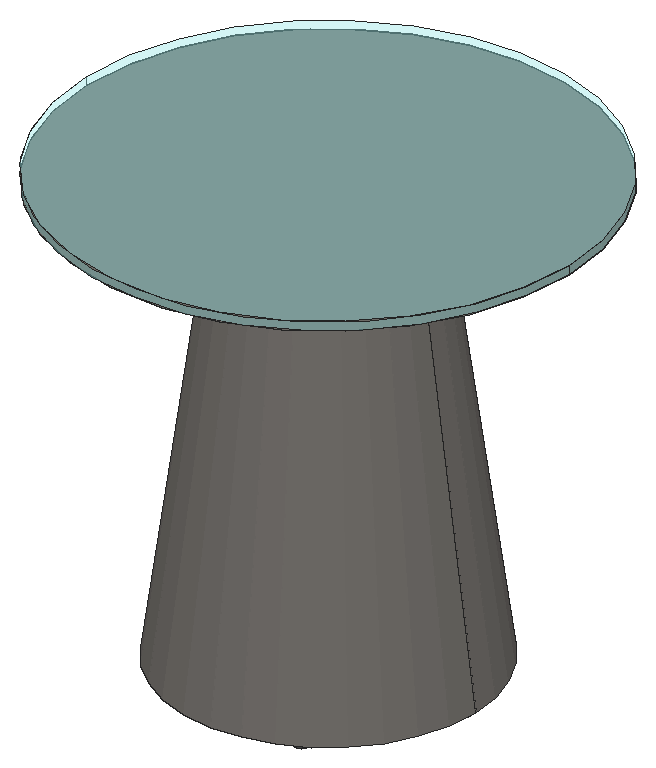
Revit family "revitupgrade", category Furniture, Revit 2018
Family settings
  Work Plane-Based = No
  Always vertical = Yes
  Cut with Voids When Loaded = No
  Shared = No
  Room Calculation Point = No
Parameters (values of type "with Glass")
  URL = "https://www.steelcase.com"
  Top = Steelcase Turnstone - Campfire - Paper Table - Top : Glass Top
  Symbol Name = "TS4TPTA3"
  Style Number(s) = "TS4TPT"
  Release Date = "April 2018"  # constant formula
  Product Line = "Turnstone"  # constant formula
  Product = "Campfire"  # constant formula
  Opaque [instance] = yes
  Manufacturer = "Steelcase"  # constant formula
  Draw in Foreground [instance] = yes
  Description = ""
  Copyright = "© 2010 Steelcase Inc."  # constant formula
  Base [instance] = Steelcase - 2536 Blackwood
  AutoCAD Tag = "25"
  Authoring Version = "Revit 2016"  # constant formula
  Assembly Code = "E2020200"
Types (2): name | Top | Symbol Name
  with Paper | Steelcase Turnstone - Campfire - Paper Table - Top : Paper Top | "TS4TPT"
  with Glass | Steelcase Turnstone - Campfire - Paper Table - Top : Glass Top | "TS4TPTA3"
Reference planes (in)
  plane 1 "Center Front/Back": y = 0
  plane 2 "Bottom": z = 0
  plane 3 "Center Left/Right": x = 0
Forms (in)
  Blend 1, solid, material "Steelcase - 2536 Blackwood" <- "Base"
    base sketch origin (0, 0, 0) x (1, 0, 0) y (0, 1, 0)
      loop
        circle (0, 0) r 7.532
    top sketch origin (0, 0, 0) x (1, 0, 0) y (0, 1, 0)
      loop
        circle (0, 0) r 5
    from 0.219 to 18.473
  Blend 2, solid, material "Steelcase - 2536 Blackwood" <- "Base"
    base sketch origin (0, 0, 0) x (1, 0, 0) y (0, 1, 0)
      loop
        circle (0, 0) r 5
    top sketch origin (0, 0, 0) x (1, 0, 0) y (0, 1, 0)
      loop
        circle (0, 0) r 12.3395
    from 18.473 to 22.01264
  Extrusion 3, solid, material "Steelcase - 6205 Black"
    sketch origin (0, 0, 0) x (1, 0, 0) y (0, 1, 0)
      loop
        circle (-3.45, 5.976) r 0.375
      loop
        circle (3.45, 5.976) r 0.375
      loop
        circle (6.9, 0) r 0.375
      loop
        circle (3.45, -5.97515) r 0.375
      loop
        circle (-3.45, -5.97515) r 0.375
      loop
        circle (-6.9, 0) r 0.375
    from 0 to 0.219
Lines and regions (in)
  Masking region 1, visible <- "Opaque"
    outline origin (50, 0, 0) x (1, 0, 0) y (0, 1, 0)
      loop
        circle (-50, 0) r 12.3395
  symbolic lines, style "Steelcase Furniture", built-in parameter 1006206 <- "Draw in Foreground"
    curve 1: circle (0, 0, 0) r 12.3395 normal (0, 0, 1)
  symbolic lines, style "Steelcase Hidden Lines", built-in parameter 1006206 <- "Draw in Foreground", detail levels medium+fine
    curve 2: circle (0, 0, 0) r 7.532 normal (0, 0, 1)
    curve 3: circle (3.45, 5.976, 0) r 0.375 normal (0, 0, 1)
    curve 4: circle (-3.45, 5.976, 0) r 0.375 normal (0, 0, 1)
    curve 5: circle (-6.9, 0, 0) r 0.375 normal (0, 0, 1)
    curve 6: circle (-3.45, -5.97515, 0) r 0.375 normal (0, 0, 1)
    curve 7: circle (3.45, -5.97515, 0) r 0.375 normal (0, 0, 1)
    curve 8: circle (6.9, 0, 0) r 0.375 normal (0, 0, 1)
Dimensions and locks (in)
  aligned and locked: level to plane 2 "Bottom"
Nested families (in)
  nested 1: "Steelcase Turnstone - Campfire - Paper Table - Top" at (0, 0, 0), type <- "Top", type "Glass Top"
    with Opaque yes
Definition of nested family "Steelcase Turnstone - Campfire - Paper Table - Top"
  Parameters (values of type "Glass Top")
    URL = "https://www.steeelcase.com"
    Top Paper = no
    Top Glass = yes
    Top = none
    Symbol Name = "TS4PTG"
    Style Number(s) = "TS4TPTG"
    Release Date = "April 2018"  # constant formula
    Product Line = "Turnstone"  # constant formula
    Product = "Campfire"  # constant formula
    Opaque [instance] = yes
    Manufacturer = "Steelcase"  # constant formula
    Description = ""
    Copyright = "© 2010 Steelcase Inc."  # constant formula
    AutoCAD Tag = "25"
    Authoring Version = "Revit 2016"  # constant formula
    Assembly Code = "E2020200"
  Types (2): name | URL | Top Paper | Top Glass | Symbol Name | Style Number(s)
    Paper Top | "https://www.steelcase.com" | yes | no | "TS4PTP" | "TS4TPTP"
    Glass Top | "https://www.steeelcase.com" | no | yes | "TS4PTG" | "TS4TPTG"
  Reference planes (in)
    plane 1 "Center Front/Back": y = 0
    plane 2 "Bottom": z = 0
    plane 3 "Center Left/Right": x = 0
  Forms (in)
    Extrusion 1, solid, material <- "Top", visible <- "Top Glass"
      sketch origin (0, 0, 0) x (1, 0, 0) y (0, 1, 0)
        loop
          circle (0, 0) r 12.3395
      from 22.01264 to 22.429
    Extrusion 2, solid, material <- "Top", visible <- "Top Paper"
      sketch origin (0, 0, 0) x (1, 0, 0) y (0, 1, 0)
        loop
          circle (0, 0) r 12.3395
      from 22.01264 to 22.429
  Lines and regions (in)
    Masking region 1, visible <- "Opaque"
      outline origin (50, 0, 0) x (1, 0, 0) y (0, 1, 0)
        loop
          circle (-50, 0) r 12.3395
    symbolic lines
      curve 1: circle (0, 0, 0) r 12.3395 normal (0, 0, 1)
  Dimensions and locks (in)
    aligned and locked: level to plane 2 "Bottom"
